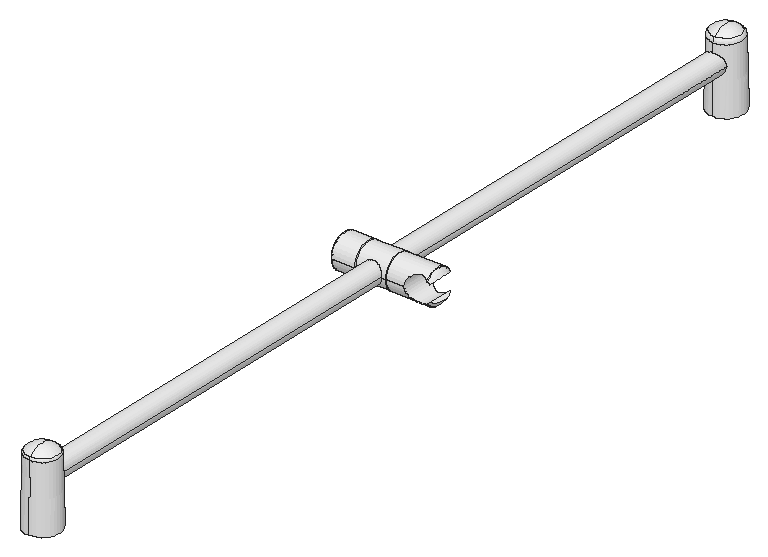
Revit family "Shower_Bar-GROHE-Tempesta-27524000", category Specialty Equipment, host Face, Revit 2014
Parameters
  cUPC Compliant = yes
  Width = 2 7/8"
  Warranty Documentation Link = "https://cdn.cloud.grohe.com/tpi/1000/1900/1940/1949/1949006/original/1949006.pdf"
  URL = "https://www.grohe.us/"
  Type Comments = ""
  Product Page URL = "https://www.grohe.us/en_us/new-tempesta-100-36-shower-bar-27524000.html"
  Price = "Prices may vary. Please consult Manufacturer Representative for most up-to-date price list."  # constant formula
  Model = "27524000"
  Material = "Metal-Grohe-000-Chrome"
  Manufacturer = "Grohe"
  Length = 3 3/16"  # constant formula
  Installation Type = "Wall Mounted"
  Height = 36 7/32"
  Finish = Metal-Grohe-000-Chrome
  Description = "Tempesta 36\" Shower Bar"
  Default Elevation = 78"  # constant formula
  Creation Date = "03/01/2017"  # constant formula
  Assembly Code = "D2010710"
Reference planes (in)
  plane 1 "Center (Front/Back)": y = 0
  plane 2: z = 0
  plane 3 "Center (Left/Right)": x = 0
  plane 4: x = -1.4375
  plane 5: x = 1.4375
  plane 6: z = 2.40157
  plane 7: z = 1.53543
  plane 8: z = 1.96181
  plane 9: x = -6
  plane 10: y = 18.10937
  plane 11: y = -18.10938
  plane 12: z = 3.1875
  plane 13: x = 1.9422
  plane 14: y = 0.0625
  plane 15: y = -15.83738
  plane 16: x = -1.44997
  plane 17: x = -0.90067
Forms (in)
  Revolve 1, solid, material "Metal-Grohe-000-Chrome" <- "Finish"
    sketch origin (0, 0, 0) x (0, 1, 0) y (0, 0, 1)
      loop
        line (18.10937, 0) -> (18.84192, 0) -> (18.79345, 2.77689)
        arc (18.79345, 2.77689) -> (18.77063, 2.87696) -> (18.70952, 2.95943) r 0.25
        arc (18.70952, 2.95943) -> (18.43039, 3.12856) -> (18.10937, 3.1875) r 0.90366
        line (18.10937, 3.1875) -> (18.10937, 0)
      axis (18.10937, 3.1875) -> (18.10937, 0)
    angle from 0 to 360
  Extrusion 2, solid, material "Metal-Grohe-000-Chrome" <- "Finish"
    sketch origin (0, 0, 0) x (1, 0, 0) y (0, 0, 1)
      loop
        circle (0, 1.96181) r 0.43977
    from -18.10938 to 18.10938
  Revolve 3, solid, material "Metal-Grohe-000-Chrome" <- "Finish"
    sketch origin (0, 0, 0) x (0, -1, 0) y (0, 0, 1)
      loop
        line (18.10938, 0) -> (18.84192, 0) -> (18.79275, 2.81713)
        arc (18.79275, 2.81713) -> (18.78045, 2.87489) -> (18.74736, 2.92382) r 0.15446
        arc (18.74736, 2.92382) -> (18.45454, 3.11898) -> (18.10938, 3.1875) r 0.90366
        line (18.10938, 3.1875) -> (18.10938, 0)
      axis (18.10938, 3.1875) -> (18.10938, 0)
    angle from 0 to 360
  Revolve 4, solid, material "Metal-Grohe-000-Chrome" <- "Finish"
    sketch origin (0, 0, 1.96181) x (1, 0, 0) y (0, 1, 0)
      loop
        line (-1.95278, 0) -> (2.64519, 0)
        arc (2.64519, 0) -> (2.54925, 0.39346) -> (2.28298, 0.6986) r 0.85482
        arc (2.28298, 0.6986) -> (2.2679, 0.70609) -> (2.25127, 0.70866) r 0.05503
        line (2.25127, 0.70866) -> (0.66339, 0.70866) -> (0.66339, 0.65724) -> (0.62621, 0.65724) -> (0.62621, 0.70866) -> (-0.62992, 0.70866) -> (-0.62992, 0.65724) -> (-0.68307, 0.65724) -> (-0.68307, 0.70866) -> (-1.64819, 0.70866)
        arc (-1.64819, 0.70866) -> (-1.66596, 0.70495) -> (-1.68075, 0.69443) r 0.04436
        arc (-1.68075, 0.69443) -> (-1.88234, 0.37291) -> (-1.95278, 0) r 1.02238
      axis (2.64519, 0) -> (-1.95278, 0)
    angle from 0 to 360
  Extrusion 5, void
    sketch origin (0, 0, 0) x (1, 0, 0) y (0, 0, 1)
      loop
        arc (2.35799, 2.30852) -> (1.39819, 1.95772) -> (2.35799, 1.60691) r 0.54401
        line (2.35799, 1.60691) -> (2.61361, 1.39125)
        arc (2.61361, 1.39125) -> (2.73029, 1.95772) -> (2.61361, 2.52419) r 1.43348
        line (2.61361, 2.52419) -> (2.35799, 2.30852)
    from -0.96532 to 1.45825
  Extrusion 6, solid, material "Metal-Grohe-000-Chrome" <- "Finish"
    sketch origin (0.15234, 0, 0) x (1, 0, 0) y (0, 0, 1)
      loop
        circle (-1.32365, 1.96181) r 0.26619
    from -0.80288 to 0
Cuts and joins
  Extrusion 5 cuts Revolve 1
  Extrusion 5 cuts Extrusion 2
  Extrusion 5 cuts Revolve 3
  Extrusion 5 cuts Revolve 4
  joined: Revolve 1, Extrusion 2, Revolve 3, Revolve 4, Extrusion 6
Lines and regions (in)
  Masking region 1
    outline origin (0, 0, 0) x (1, 0, 0) y (0, 0, 1)
      loop
        arc (2.30266, 1.25984) -> (2.41447, 1.36162) -> (2.50684, 1.48133) r 0.86429
        line (2.50684, 1.48133) -> (2.35799, 1.60691)
        arc (2.35799, 1.60691) -> (1.39819, 1.95772) -> (2.35799, 2.30852) r 0.54401
        line (2.35799, 2.30852) -> (2.49819, 2.42681)
        arc (2.49819, 2.42681) -> (2.38806, 2.56069) -> (2.25342, 2.66991) r 0.86429
        line (2.25342, 2.66991) -> (0.68955, 2.66991) -> (0.68234, 2.8763)
        arc (0.68234, 2.8763) -> (0, 3.1904) -> (-0.68234, 2.8763) r 0.89821
        line (-0.68234, 2.8763) -> (-0.68582, 2.67717) -> (-1.66732, 2.67717)
        arc (-1.66732, 2.67717) -> (-1.96264, 1.9685) -> (-1.66732, 1.25984) r 0.99793
        line (-1.66732, 1.25984) -> (-0.71056, 1.25984) -> (-0.73255, 0) -> (0.73255, 0) -> (0.71056, 1.25984) -> (2.30266, 1.25984)
  symbolic lines, detail levels medium+fine
    curve 1: line (0.68234, 0, 2.8763) -> (0.71056, 0, 1.25984)
    curve 2: line (-0.71056, 0, 1.25984) -> (-0.68582, 0, 2.67717)
    curve 3: circle (-1.17131, 0, 1.96181) r 0.26619 normal (0, -1, 0)
Dimensions and locks (in)
  equal spacing: plane 4, plane 3 "Center (Left/Right)", plane 5
  locked: plane 4 to plane 5 at 2.875
  plane 9 to plane 3 "Center (Left/Right)" = 6"
  equal spacing: plane 10, plane 1 "Center (Front/Back)", plane 11
  "Height": plane 10 to plane 11
  "Length": plane 12 to level
  locked: plane 3 "Center (Left/Right)" to plane 13 at 1.9422
  locked: plane 14 to plane 1 "Center (Front/Back)" at 0.0625
  locked: plane 15 to plane 11 at 2.272
  diameter of Extrusion 2 sketch curve = 0.87953"
  aligned and locked: plane 2 to host face
  aligned and locked: level to host face
  aligned and locked: Extrusion 2 to plane 11
  aligned and locked: plane 3 "Center (Left/Right)" to Extrusion 2 sketch curve
  aligned and locked: plane 8 to Extrusion 2 sketch curve
  aligned and locked: Revolve 1 sketch curve to plane 10
  aligned and locked: plane 10 to Revolve 1 sketch curve
  aligned and locked: level to Revolve 1 sketch curve
  aligned and locked: plane 11 to Revolve 3 sketch curve
  aligned and locked: Revolve 3 sketch curve to plane 11
  aligned and locked: Revolve 3 sketch curve to level
  aligned and locked: plane 8 to cut or joined group of Revolve 1, Extrusion 2, Revolve 3, Revolve 4, Extrusion 5, Extrusion 6
  aligned and locked: cut or joined group of Revolve 1, Extrusion 2, Revolve 3, Revolve 4, Extrusion 5, Extrusion 6 to plane 10
Automatic sketch dimensions
  host sketch curve to host sketch curve = 96"  (x2)
  plane 1 "Center (Front/Back)" to Revolve 4 sketch curve = 0"  (x2)
  Revolve 4 sketch curve to plane 16 = 0.50281"
  Revolve 4 sketch curve to plane 16 = 0.19823"
  Revolve 4 sketch curve to plane 17 = 0.02973"
  plane 17 to Revolve 4 sketch curve = 0.2176"
  Revolve 4 sketch curve to Revolve 4 sketch curve = 0.05315"
  plane 3 "Center (Left/Right)" to Revolve 4 sketch curve = 0.62621"
  Revolve 4 sketch curve to Revolve 4 sketch curve = 0.03718"
  Revolve 4 sketch curve to plane 13 = 0.15183"
  plane 13 to Revolve 4 sketch curve = 0.30907"
  plane 13 to Revolve 4 sketch curve = 0.70299"
  plane 14 to Revolve 4 sketch curve = 0.59113"
  plane 14 to Revolve 4 sketch curve = 0.59474"  (x2)
  plane 14 to Revolve 4 sketch curve = 0.6018"
  Revolve 4 sketch curve to Revolve 4 sketch curve = 0.05142"  (x2)
  Revolve 4 sketch curve to Revolve 4 sketch curve = 0"
  Revolve 4 sketch curve to Revolve 4 sketch curve = 0.67466"
  Revolve 4 sketch curve to Revolve 4 sketch curve = 1/4"
  Extrusion 5 sketch curve to plane 13 = 0"
  plane 8 to Extrusion 5 sketch curve = 0.00409"  (x2)
  plane 5 to Extrusion 5 sketch curve = 0.14069"
  Extrusion 5 sketch curve to plane 6 = 0.09306"
  plane 13 to Extrusion 5 sketch curve = 0.41579"
  plane 7 to Extrusion 5 sketch curve = 0.07148"
  plane 6 to Extrusion 5 sketch curve = 0.12261"
  Extrusion 5 sketch curve to plane 7 = 0.14419"
  Extrusion 5 sketch curve to Extrusion 5 sketch curve = 0.25562"
  Extrusion 5 sketch curve to Extrusion 5 sketch curve = 0"
  Masking region 1 sketch curve to level = 0"
  Masking region 1 sketch curve to plane 3 "Center (Left/Right)" = 0"
  plane 17 to Masking region 1 sketch curve = 0.21833"
  Masking region 1 sketch curve to Masking region 1 sketch curve = 0.00348"
  plane 17 to Masking region 1 sketch curve = 0.19011"
  plane 17 to Masking region 1 sketch curve = 0.16812"
  Masking region 1 sketch curve to plane 8 = 0.00669"
  Masking region 1 sketch curve to plane 17 = 0.06404"
  Masking region 1 sketch curve to plane 12 = 0.3112"
  plane 3 "Center (Left/Right)" to Masking region 1 sketch curve = 0.68234"
  Masking region 1 sketch curve to Masking region 1 sketch curve = 0.00721"
  Masking region 1 sketch curve to plane 7 = 0.27559"  (x2)
  plane 3 "Center (Left/Right)" to Masking region 1 sketch curve = 0.71056"
  plane 5 to Masking region 1 sketch curve = 0.70495"
  plane 8 to Masking region 1 sketch curve = 0.01436"
  Masking region 1 sketch curve to plane 13 = 0.16318"
  Masking region 1 sketch curve to plane 6 = 7/64"
  Masking region 1 sketch curve to Masking region 1 sketch curve = 0.2064"
  Masking region 1 sketch curve to plane 13 = 0"
  Masking region 1 sketch curve to plane 6 = 0.09306"
  plane 8 to Masking region 1 sketch curve = 0.00409"
  plane 7 to Masking region 1 sketch curve = 0.07148"
  plane 6 to Masking region 1 sketch curve = 0.02523"
  Masking region 1 sketch curve to plane 7 = 0.05411"
  Masking region 1 sketch curve to Masking region 1 sketch curve = 0"  (x2)
  Masking region 1 sketch curve to Masking region 1 sketch curve = 0.00865"
  Masking region 1 sketch curve to Masking region 1 sketch curve = 0.20419"
  Masking region 1 sketch curve to Masking region 1 sketch curve = 0.1402"
  Masking region 1 sketch curve to plane 16 = 0.21736"  (x2)
  Extrusion 6 sketch curve to plane 8 = 0"
  plane 4 to Extrusion 6 sketch curve = 0.26619"
  curve 3 to plane 8 = 0"
  plane 4 to curve 3 = 0.26619"
  plane 17 to curve 2 = 0.19011"
  plane 17 to curve 2 = 55/256"
  curve 1 to plane 12 = 0.3112"
  plane 3 "Center (Left/Right)" to curve 1 = 0.68234"
  curve 1 to plane 7 = 0.27559"
  plane 3 "Center (Left/Right)" to curve 1 = 0.71056"
  curve 2 to plane 7 = 0.27559"
  plane 6 to curve 2 = 0.27559"
  Revolve 1 sketch curve to plane 12 = 0"
  Revolve 1 sketch curve to plane 10 = 0.43412"
  plane 6 to Revolve 1 sketch curve = 0.37532"
  Revolve 1 sketch curve to Revolve 1 sketch curve = 0.24996"
  Revolve 1 sketch curve to plane 10 = 0.73255"
  Revolve 1 sketch curve to plane 6 = 0.11774"
  Revolve 1 sketch curve to Revolve 1 sketch curve = 0.00436"
  Revolve 1 sketch curve to Revolve 1 sketch curve = 0.86707"
  Revolve 1 sketch curve to Revolve 1 sketch curve = 0.58022"
  Revolve 3 sketch curve to plane 12 = 0"
  plane 11 to Revolve 3 sketch curve = 0.52894"
  plane 12 to Revolve 3 sketch curve = 0.37037"
  Revolve 3 sketch curve to Revolve 3 sketch curve = 0.15443"
  plane 11 to Revolve 3 sketch curve = 0.73255"
  plane 6 to Revolve 3 sketch curve = 0.11774"
  Revolve 3 sketch curve to Revolve 3 sketch curve = 0.0027"
  Revolve 3 sketch curve to Revolve 3 sketch curve = 0.86707"
  Revolve 3 sketch curve to Revolve 3 sketch curve = 0.58022"
  radius of Extrusion 6 sketch curve = 0.26619"
  radius of curve 3 = 0.26619"
